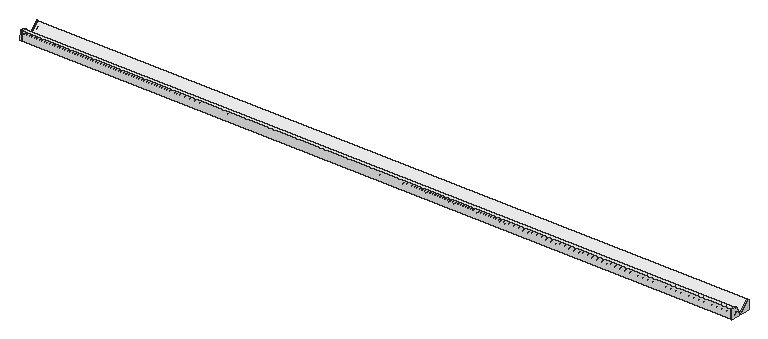
Revit family "R3314 updated", category Lighting Fixtures, host Face, Revit 2020
Family settings
  Host = Face
  Round Connector Dimension = Use Diameter
  Part Type = Normal
  Cut with Voids When Loaded = No
  Light Source = No
  Shared = Yes
  Room Calculation Point = No
Parameters (values of type "207 lm per FT 4.57 W per FT - DFRGBW 2")
  Wattage Comments = "4.57W/FT"
  Warranty URL = "https://bllighting.com/terms-and-conditions/"
  W = 0.6700"
  Voltage = 24 V
  Version = "2020-v2.9"  # constant formula
  URL = "https://bllighting.com/"
  Support Phone = ""
  Support Email = ""
  Rdwn [instance] = rounddown(L1 / Increment)  # 14
  Profile Material = Alumnium Base Track
  Product Page URL = "https://bllighting.com/products/profile/r3314"
  Product Name = Model  # "DFRGBW 2"
  Product Documentation Link = "https://bllighting.com/wp-content/uploads/R3314-Specification.pdf"
  Power Source Type = "Driver"  # constant formula
  Power Factor = 1
  Phase = 1
  Operating Temperature = "Consult Manufacturer Website for more Information"  # constant formula
  Number of Poles = if(and(or(Voltage = 120 V, Voltage = 277 V), Phase = 1), 1, if(and(or(Voltage = 208 V, Voltage = 240 V), Phase = 1), 2, if(and(or(Voltage = 208 V, Voltage = 240 V), Phase = 3), 3, if(and(Voltage > 300 V, Phase = 1), 2, if(and(Voltage > 400 V, Phase = 3), 3, 1)))))  # 1
  Number of LED's = "410 Diodes/FT"
  No Of Source [instance] = rounddown(Actual Light Length / Increment)  # 14
  N2 Watt [instance] = (1.85 W * Actual Light Length) / 12.0000"  # 7.07825 W
  N2 Lumens [instance] = 98 lm/W * N2 Watt  # 693.669 lm
  N2 = no
  Mounting Method = "Surface Mount"  # constant formula
  Model = "DFRGBW 2"
  Max Input Current = "0.625A"
  Manufacturer Phone Number = "1-604-874-4405"  # constant formula
  Manufacturer Email = "info@bllighting.com"
  Manufacturer Address = "111 - 8838 Heatner St. Vancouver. BC, Canada. V6P 3S8"  # constant formula
  Manufacturer = "BL Lighting"  # constant formula
  Lumen Output = "207 lm/FT"
  Load Classification = Lighting
  Light Length [instance] = 48.0000"
  Lens Material = Polycarbonate Optic
  Lead 2 End Cap [instance] = 1 = 1  # yes
  Lead 1 End Cap [instance] = 1 = 1  # yes
  Lamp Life = "50,000 Hours"
  Lamp = ""
  LED strip = Strip
  LED finish = LED
  LED Tape Page URL = "https://bllighting.com/products/led-tape/dfrgbw2"
  LED Tape Documentation link = "https://bllighting.com/wp-content/uploads/DFRGBW-2-Specification.pdf"
  L1 [instance] = if(Light Length < Increment, Increment, Light Length)  # 48.0000"
  Input Voltage = "24VDC"
  Initial Intensity Comments = "Refer LED Strip type for Lumen Value"  # constant formula
  Initial Color Comments = "Perfomance based on 3000K Photometric Web File"  # constant formula
  Increment = 3.2795"
  Housing Protection Rating = "Consult Manufacturer Website for more Information"  # constant formula
  Has Dimming = 1 = 1  # yes
  Has Battery Backup = 0 = 1  # no
  Frequency Comments = ""
  Frequency = 60 Hz
  Environment = "Indoor"  # constant formula
  Description = "Flexible, Linear LED Lighting"  # constant formula
  Default Elevation = 48.0000"
  DFRGBW 2 Watt [instance] = (4.57 W * Actual Light Length) / 12.0000"  # 17.4852 W
  DFRGBW 2 Lumens [instance] = 45 lm/W * DFRGBW 2 Watt  # 786.834 lm
  DFRGBW 2 = yes
  DFD3 Watt [instance] = (4.4 W * Actual Light Length) / 12.0000"  # 16.8348 W
  DFD3 Lumens [instance] = 98 lm/W * DFD3 Watt  # 1649.81 lm
  DFD3 = no
  DFD2 Watt [instance] = (2.44 W * Actual Light Length) / 12.0000"  # 9.33564 W
  DFD2 Lumens [instance] = 100 lm/W * DFD2 Watt  # 933.564 lm
  DFD2 = no
  DFD1 Watt [instance] = (1.22 W * Actual Light Length) / 12.0000"  # 4.66782 W
  DFD1 Lumens [instance] = 92 lm/W * DFD1 Watt  # 429.44 lm
  DFD1 = no
  Current Amps = 50 A
  Copyright = "©BL INNOVATIVE LIGHTING"  # constant formula
  Color Option Available = "3000K"
  built-in parameter 1114216 [instance] = 0  # (empty or 0)
  built-in parameter 1140040 [instance] = 1 = 1  # 1
  CCT = "3000K"
  Apparent Load = 15 VA
  Actual No Of Source [instance] = if(No Of Source < 2, 2, No Of Source)  # 14
  Actual Light Length [instance] = Rdwn * Increment  # 45.9130"
Reference planes (in)
  plane 1 "Center (Front/Back)": y = 0
  plane 2: z = 0
  plane 3 "Center (Left/Right)": x = 0
  plane 4: x = 45.913
  plane 5: x = 3.2795
  plane 6: x = 22.9565
  plane 7: x = 22.6499
  plane 8: x = 23.2631
  plane 9: x = 21.4565
  plane 10: x = 24.4565
  plane 11: x = 8
  plane 12: x = 11
  plane 13: x = 37.913
  plane 14: x = 34.913
  plane 15: y = -0.64961
  plane 16: y = 0.64961
  plane 17: through (0, -0.64961, -0.59055) normal (0, 0.7071, -0.7071)
Forms (in)
  Sweep 1, solid, material "Alumnium Base Track" <- "Profile Material"
    path origin (0, -18.35094, -0.33994) x (1, 0, 0) y (0, 1, 0)
      loop
        line (0, 18.35094) -> (45.913, 18.35094)
    profile origin (22.9565, 0, -0.33994) x (0, 1, 0) y (0, 0, 1)
      loop
        line (0.5299, -0.25062) -> (0.64961, -0.25062) -> (0.64961, 0.33994) -> (0.10492, -0.19208) -> (-0.12305, -0.19208) -> (-0.12305, -0.12357) -> (-0.17955, -0.12357) -> (-0.17955, -0.19208) -> (-0.24026, -0.19208) -> (-0.59162, 0.1612) -> (-0.59162, 0.28222) -> (-0.43344, 0.28222) -> (-0.43344, 0.33994) -> (-0.64961, 0.33994) -> (-0.64961, -0.25062) -> (-0.53215, -0.25062) -> (-0.53215, -0.19561) -> (-0.59144, -0.19561) -> (-0.59144, 0.07883) -> (-0.26614, -0.25062) -> (0.13335, -0.25062) -> (0.4863, 0.10233) -> (0.59159, 0.10233) -> (0.59159, -0.19556) -> (0.5299, -0.19556) -> (0.5299, -0.25062)
  Sweep 2, solid, material "Polycarbonate Optic" <- "Lens Material"
    path origin (0, -18.35094, 0.05908) x (1, 0, 0) y (0, 1, 0)
      loop
        line (0, 18.35094) -> (45.913, 18.35094)
    profile origin (22.9565, 0, 0.05908) x (0, 1, 0) y (0, 0, 1)
      loop
        line (-0.59162, -0.11679) -> (-0.59162, -0.14788) -> (-0.43344, -0.14788)
        arc (-0.43344, -0.14788) -> (-0.28409, -0.21393) -> (-0.21296, -0.36093) r 0.23691
        line (-0.21296, -0.36093) -> (-0.21296, -0.59109) -> (-0.17955, -0.59109) -> (-0.17955, -0.36093)
        arc (-0.17955, -0.36093) -> (-0.26067, -0.1912) -> (-0.43344, -0.11679) r 0.2676
        line (-0.43344, -0.11679) -> (-0.59162, -0.11679)
  Extrusion 3, void
    sketch origin (0, 0, 0) x (1, 0, 0) y (0, 1, 0)
      loop
        line (-0.07087, 0.66669) -> (-0.07087, -0.67055) -> (45.98387, -0.67055) -> (45.98387, 0.66669) -> (-0.07087, 0.66669)
    from -0.59055 to 0
Dimensions and locks (in)
  "Actual Light Length": plane 3 "Center (Left/Right)" to plane 4
  "Increment": plane 3 "Center (Left/Right)" to plane 5
  equal spacing: plane 3 "Center (Left/Right)", plane 6, plane 4
  equal spacing: plane 7, plane 6, plane 8
  locked: plane 9 to plane 6 at 1.5
  locked: plane 6 to plane 10 at 1.5
  locked: plane 11 to plane 3 "Center (Left/Right)" at 8
  plane 12 to plane 11 = 3.0000"
  locked: plane 4 to plane 13 at 8
  locked: plane 14 to plane 13 at 3
  locked: plane 16 to plane 15 at 1.29921
  locked: plane 2 to plane 17 (angle 135.00°)
  aligned and locked: host face to plane 2
  aligned and locked: host face to level
  aligned and locked: plane 3 "Center (Left/Right)" to Sweep 1 sketch curve
  aligned and locked: plane 4 to Sweep 1 sketch curve
  aligned and locked: plane 4 to Sweep 2 sketch curve
  aligned and locked: plane 3 "Center (Left/Right)" to Sweep 2 sketch curve
  aligned and locked: plane 1 "Center (Front/Back)" to nested 1
  aligned and locked: plane 3 "Center (Left/Right)" to nested 1
  aligned and locked: plane 4 to nested 2
  aligned and locked: plane 2 to Sweep 1
  aligned and locked: plane 2 to nested 1
  aligned and locked: nested 2 to plane 2
  aligned and locked: Sweep 2 to Sweep 1
  aligned and locked: nested 3 to Sweep 1
  aligned and locked: plane 3 "Center (Left/Right)" to nested 3
  aligned and locked: nested 4 to Sweep 1
  aligned and locked: plane 3 "Center (Left/Right)" to nested 4
  aligned and locked: nested 6 to Sweep 1
  aligned and locked: plane 3 "Center (Left/Right)" to nested 6
  aligned and locked: nested 7 to Sweep 1
  aligned and locked: plane 3 "Center (Left/Right)" to nested 7
  aligned and locked: nested 9 to Sweep 1
  aligned and locked: plane 3 "Center (Left/Right)" to nested 9
  aligned and locked: Extrusion 3 to Sweep 1
  aligned and locked: Extrusion 3 sketch curve to nested 1
  aligned and locked: Extrusion 3 sketch curve to nested 2
  aligned and locked: level to Extrusion 3
Automatic sketch dimensions
  host sketch curve to host sketch curve = 138.68247"
  host sketch curve to host sketch curve = 96.0000"
  plane 1 "Center (Front/Back)" to Sweep 1 sketch curve = 0.0000"
  plane 1 "Center (Front/Back)" to Sweep 2 sketch curve = 0.0000"
  Sweep 1 sketch curve to profile plane = 0.25062"  (x3)
  profile plane to Sweep 1 sketch curve = 0.64961"
  Sweep 1 sketch curve to Sweep 1 sketch curve = 0.05798"
  profile plane to Sweep 1 sketch curve = 0.07883"
  Sweep 1 sketch curve to Sweep 1 sketch curve = 0.00018"
  Sweep 1 sketch curve to Sweep 1 sketch curve = 0.05929"
  Sweep 1 sketch curve to Sweep 1 sketch curve = 0.15818"
  Sweep 1 sketch curve to Sweep 1 sketch curve = 0.26601"
  Sweep 1 sketch curve to Sweep 1 sketch curve = 0.02588"
  Sweep 1 sketch curve to Sweep 1 sketch curve = 0.0607"
  Sweep 1 sketch curve to Sweep 1 sketch curve = 0.0565"
  Sweep 1 sketch curve to profile plane = 0.10492"
  Sweep 1 sketch curve to Sweep 1 sketch curve = 0.02842"
  profile plane to Sweep 1 sketch curve = 0.10233"
  Sweep 1 sketch curve to Sweep 1 sketch curve = 0.38137"
  Sweep 1 sketch curve to Sweep 1 sketch curve = 0.0436"
  Sweep 1 sketch curve to Sweep 1 sketch curve = 0.10529"
  Sweep 1 sketch curve to Sweep 1 sketch curve = 0.05802"
  Sweep 1 sketch curve to Sweep 1 sketch curve = 0.0550"
  Sweep 1 sketch curve to Sweep 1 sketch curve = 0.05505"
  Sweep 1 sketch curve to Sweep 1 sketch curve = 0.05854"
  Sweep 1 sketch curve to Sweep 1 sketch curve = 0.0000"
  Sweep 1 sketch curve to Sweep 1 sketch curve = 0.06851"
  Sweep 1 sketch curve to Sweep 1 sketch curve = 0.08238"
  Sweep 1 sketch curve to Sweep 1 sketch curve = 0.12102"
  Sweep 1 sketch curve to Sweep 1 sketch curve = 0.05771"
  Sweep 1 sketch curve to Sweep 1 sketch curve = 0.2376"
  Sweep 2 sketch curve to profile plane = 0.11679"
  Sweep 2 sketch curve to Sweep 2 sketch curve = 0.14291"
  Sweep 2 sketch curve to Sweep 2 sketch curve = 0.00256"
  Sweep 2 sketch curve to Sweep 2 sketch curve = 0.15818"
  profile plane to Sweep 2 sketch curve = 0.21296"
  Sweep 2 sketch curve to Sweep 2 sketch curve = 0.03341"
  Sweep 2 sketch curve to Sweep 2 sketch curve = 0.03109"
  Sweep 2 sketch curve to Sweep 2 sketch curve = 0.21305"
  Sweep 2 sketch curve to Sweep 2 sketch curve = 0.0002"
  Sweep 2 sketch curve to Sweep 2 sketch curve = 0.23016"
  Sweep 2 sketch curve to Sweep 2 sketch curve = 0.0000"  (x2)
  plane 15 to Extrusion 3 sketch curve = 0.02094"
  Extrusion 3 sketch curve to plane 16 = 0.01709"
Nested families (in)
  nested 1: "LEFT END CAP" at (-0.07087, 0, -0.59055), Profile Material <- "Profile Material", visible <- "Lead 1 End Cap", type "LEFT END CAP"
    with Profile Material Alumnium Base Track
  nested 2: "RIGHT  END CAP" at (45.98387, 0, -0.59055), Profile Material <- "Profile Material", visible <- "Lead 2 End Cap", type "RIGHT  END CAP"
    with Profile Material Alumnium Base Track
  nested 3: "DFD1_3000K" at (0, -13.35606, 12.65505) x (1, 0, 0) z (0, 0.709, 0.7052), Light Length <- "Light Length", visible <- "DFD1", type "DFD1_3000K"
    with Watt 4.80314 W, Rdwn 24, No of Source 24, Lumens 441.889 lm, Light source Placement 23.6220", Light Length 48.0000", L1 48.0000", DFD1_1 no, DFD1 yes, Cutting Increment 1.9685", Actual No Of Source 24, Actual Light Length 47.2440"
  nested 4: "DFD2_3000K" at (0, -13.35622, 12.65521) x (1, 0, 0) z (0, 0.709, 0.7052), visible <- "DFD2", Light Length <- "Light Length", type "DFD2_3000K"
    with Watt 9.60628 W, Rdwn 24, No of Source 24, Lumens 960.628 lm, Light source Placement 23.6220", Light Length 48.0000", L1 48.0000", DFD2_1 no, DFD2 yes, Cutting Increment 1.9685", Actual No Of Source 24, Actual Light Length 47.2440"
  nested 5: "Dot Free D2 3000K LED Tape" at (0.42107, -0.16009, -0.50183) x (1, 0, 0) z (0, 0.709, 0.7052), visible <- "DFD2", Length <- "Actual Light Length", No of Source <- "No Of Source", Source Size <- "Increment", type "Dot Free D2 3000K LED Tape"
    with Source Size 3.2795", No of Source 14, Length 45.9130", DFD2_1 no, DFD2 yes, Actual No Of Source 14
  nested 6: "DFD3_3000K" at (0, -13.35606, 12.65505) x (1, 0, 0) z (0, 0.709, 0.7052), visible <- "DFD3", Light Length <- "Light Length", type "DFD3"
    with Watt 17.3228 W, Rdwn 24, No of Source 24, Lumens 1697.63 lm, Light source Placement 23.6220", Light Length 48.0000", L1 48.0000", Cutting Increment 1.9685", BL flexFORM Dot-Free D3_1 no, BL flexFORM Dot-Free D3 yes, Actual No Of Source 24, Actual Light Length 47.2440"
  nested 7: "DFRGBW 2" at (0, -13.35693, 12.65593) x (1, 0, 0) z (0, 0.709, 0.7052), visible <- "DFRGBW 2", Light Length <- "Light Length", type "DFRGBW 2"
    with Watt 17.4852 W, Rdwn 14, No of Source 14, Lumens 786.834 lm, Light source Placement 22.9565", Light Length 48.0000", L1 48.0000", DFRGBW 2_1 no, DFRGBW 2 yes, Cutting Increment 3.2795", Actual No Of Source 14, Actual Light Length 45.9130"
  nested 8: "N2 3000K LED Tape" at (0.58781, -38.46728, -38.14315) x (1, 0, 0) z (0, 0.709, 0.7052), visible <- "N2", Length <- "Actual Light Length", No of Source <- "No Of Source", Source Size <- "Increment", type "N2 3000K LED Tape"
    with Source Size 3.2795", No of Source 14, N2 3000k_1 no, N2 3000K yes, Length 45.9130", Actual No Of Source 14
  nested 9: "N2_3000K" at (0, -13.32077, 12.69047) x (1, 0, 0) z (0, 0.709, 0.7052), visible <- "N2", Light Length <- "Light Length", type "N2_3000K"
    with Watt 7.28345 W, Rdwn 24, No of Source 24, N2_1 no, N2 yes, Lumens 713.778 lm, Light source Placement 23.6220", Light Length 48.0000", L1 48.0000", Cutting Increment 1.9685", Actual No Of Source 24, Actual Light Length 47.2440"
  nested 10: "DFD1 3000K LED Tape" at (0.15323, 0, 0) x (1, 0, 0) z (0, 0.709, 0.7052), visible <- "DFD1", Length <- "Actual Light Length", No of Source <- "No Of Source", Source Size <- "Increment", type "DFD1 2700 K"
    with Source Size 3.2795", No of Source 14, Length 45.9130", DFD2_1 no, DFD2 yes, Actual No Of Source 14
  nested 11: "Dot Free D3 3000K LED Tape" at (1.53275, 0.32945, -0.56485), visible <- "DFD3", Length <- "Actual Light Length", No of Source <- "No Of Source", Source Size <- "Increment", type "Dot Free D3 3000K LED Tape"
    with Source Size 3.2795", No of Source 14, Length 45.9130", DFD3_1 no, DFD3 yes, Actual No Of Source 14
  nested 12: "DFRGBW 2 3000K LED Tape" at (1.5, 2.85039, 0), Length <- "Actual Light Length", No of Source <- "No Of Source", Source Size <- "Increment", visible <- "DFRGBW 2", type "DFRGBW 2 3000K LED Tape"
    with Source Size 3.2795", No of Source 14, Length 45.9130", DFD3_1 no, DFD3 yes, Actual No Of Source 14
Connectors (in)
  electrical at (0, 0.13335, -0.59055), driven by "Number of Poles", driven by "Load Classification", driven by "Voltage", driven by "Apparent Load", driven by "Power Factor"
    settings: on Sweep 1, index 1, voltage 24 V, apparent load 15 VA, apparent load phase1 0 VA, apparent load phase2 0 VA, apparent load phase3 0 VA, power factor 1, load classification "Lighting", number of poles 1, system type 30, power factor state 1, is connector primary yes, connector utility no, sub classification motor no, connector description ""
Definition of nested family "LEFT END CAP"
  Parameters (values of type "LEFT END CAP")
    Profile Material [instance] = none
    Default Elevation = 0.0000"
  Reference planes (in)
    plane 1 "Center (Front/Back)": y = 0
    plane 2: z = 0
    plane 3 "Center (Left/Right)": x = 0
    plane 4: x = 0.07087
    plane 5: y = 0.64961
    plane 6: y = -0.64961
    plane 7: z = 0.59055
    plane 8: x = 0.23622
  Forms (in)
    Extrusion 1, solid, material <- "Profile Material"
      sketch origin (0, 0, 0) x (0, 1, 0) y (0, 0, 1)
        loop
          line (0.64961, 0) -> (0.64961, 0.59055) -> (0.11426, 0.05521) -> (-0.12204, 0.05521) -> (-0.12204, 0.13307) -> (-0.17525, 0.13307) -> (-0.17525, 0.35237) -> (-0.30194, 0.5333) -> (-0.43169, 0.5333) -> (-0.43169, 0.59055) -> (-0.64961, 0.59055) -> (-0.64961, 0) -> (0.64961, 0)
        loop
          arc (-0.33802, 0.24625) -> (-0.29108, 0.24625) -> (-0.29108, 0.29319) r 0.03319
          line (-0.29108, 0.29319) -> (-0.38475, 0.38685)
          arc (-0.38475, 0.38685) -> (-0.43169, 0.38685) -> (-0.43169, 0.33992) r 0.03319
          line (-0.43169, 0.33992) -> (-0.33802, 0.24625)
      from 0 to 0.07087
    Extrusion 2, solid, material <- "Profile Material"
      sketch origin (0, 0, 0) x (0, 1, 0) y (0, 0, 1)
        loop
          line (0.58832, 0.34952) -> (0.49357, 0.34952) -> (0.14405, 0) -> (0.52624, 0) -> (0.52624, 0.06528) -> (0.58832, 0.06528) -> (0.58832, 0.34952)
        loop
          line (-0.5919, 0.32589) -> (-0.5919, 0.06402) -> (-0.53079, 0.06402) -> (-0.53079, 0) -> (-0.26602, 0) -> (-0.5919, 0.32589)
      from 0.07087 to 0.23622
  Dimensions and locks (in)
    locked: plane 3 "Center (Left/Right)" to plane 4 at 0.07087
    locked: plane 7 to plane 2 at 0.59055
    locked: plane 5 to plane 6 at 1.29921
    locked: plane 3 "Center (Left/Right)" to plane 8 at 0.23622
    aligned and locked: plane 2 to level
    aligned and locked: plane 4 to Extrusion 1
    aligned and locked: Extrusion 2 to Extrusion 1
    aligned and locked: plane 8 to Extrusion 2
Definition of nested family "RIGHT  END CAP"
  Parameters (values of type "RIGHT  END CAP")
    Profile Material [instance] = none
    Default Elevation = 0.0000"
  Reference planes (in)
    plane 1 "Center (Front/Back)": y = 0
    plane 2: z = 0
    plane 3 "Center (Left/Right)": x = 0
    plane 4: z = 0.8125
    plane 5: y = 0.4375
    plane 6: y = -0.4375
    plane 7: x = -0.31
  Dimensions and locks (in)
    equal spacing: plane 5, plane 1 "Center (Front/Back)", plane 6
    plane 5 to plane 6 = 0.8750"
    plane 4 to plane 2 = 0.8125"  (x2)
    locked: plane 3 "Center (Left/Right)" to plane 7 at 0.31
    aligned and locked: plane 2 to level
    aligned and locked: nested 1 to plane 3 "Center (Left/Right)"
  Nested families (in)
    nested 1: "LEFT END CAP" at (0, 0, 0) x (-1, 0, 0) z (0, 0, 1), Profile Material <- "Profile Material", type "LEFT END CAP"
      with Profile Material none
  Definition of nested family "LEFT END CAP"
    Parameters (values of type "LEFT END CAP")
      Profile Material [instance] = none
      Default Elevation = 0.0000"
    Reference planes (in)
      plane 1 "Center (Front/Back)": y = 0
      plane 2: z = 0
      plane 3 "Center (Left/Right)": x = 0
      plane 4: x = 0.07087
      plane 5: y = 0.64961
      plane 6: y = -0.64961
      plane 7: z = 0.59055
      plane 8: x = 0.23622
    Forms (in)
      Extrusion 1, solid, material <- "Profile Material"
        sketch origin (0, 0, 0) x (0, 1, 0) y (0, 0, 1)
          loop
            line (0.64961, 0) -> (0.64961, 0.59055) -> (0.11426, 0.05521) -> (-0.12204, 0.05521) -> (-0.12204, 0.13307) -> (-0.17525, 0.13307) -> (-0.17525, 0.35237) -> (-0.30194, 0.5333) -> (-0.43169, 0.5333) -> (-0.43169, 0.59055) -> (-0.64961, 0.59055) -> (-0.64961, 0) -> (0.64961, 0)
          loop
            arc (-0.33802, 0.24625) -> (-0.29108, 0.24625) -> (-0.29108, 0.29319) r 0.03319
            line (-0.29108, 0.29319) -> (-0.38475, 0.38685)
            arc (-0.38475, 0.38685) -> (-0.43169, 0.38685) -> (-0.43169, 0.33992) r 0.03319
            line (-0.43169, 0.33992) -> (-0.33802, 0.24625)
        from 0 to 0.07087
      Extrusion 2, solid, material <- "Profile Material"
        sketch origin (0, 0, 0) x (0, 1, 0) y (0, 0, 1)
          loop
            line (0.58832, 0.34952) -> (0.49357, 0.34952) -> (0.14405, 0) -> (0.52624, 0) -> (0.52624, 0.06528) -> (0.58832, 0.06528) -> (0.58832, 0.34952)
          loop
            line (-0.5919, 0.32589) -> (-0.5919, 0.06402) -> (-0.53079, 0.06402) -> (-0.53079, 0) -> (-0.26602, 0) -> (-0.5919, 0.32589)
        from 0.07087 to 0.23622
    Dimensions and locks (in)
      locked: plane 3 "Center (Left/Right)" to plane 4 at 0.07087
      locked: plane 7 to plane 2 at 0.59055
      locked: plane 5 to plane 6 at 1.29921
      locked: plane 3 "Center (Left/Right)" to plane 8 at 0.23622
      aligned and locked: plane 2 to level
      aligned and locked: plane 4 to Extrusion 1
      aligned and locked: Extrusion 2 to Extrusion 1
      aligned and locked: plane 8 to Extrusion 2
Definition of nested family "DFD1_3000K"
  Parameters (values of type "DFD1_3000K")
    Wattage Comments = "1.22 W/FT"
    Watt [instance] = (1.22 W * Actual Light Length) / 12.0000"  # 2.40157 W
    Warranty URL = "https://bllighting.com/terms-and-conditions/"
    Voltage Comments = ""
    Version = "2020-v2.9"  # constant formula
    URL = "https://bllighting.com/"
    Support Email = ""
    Strip = none
    Rdwn [instance] = rounddown(L1 / Cutting Increment)  # 12
    Product Page URL = ""
    Product Name = "BL flexFORM Dot-Free D1"  # constant formula
    Product Documentation Link = ""
    No of Source [instance] = rounddown(Actual Light Length / Cutting Increment)  # 12
    Model = "BL flexFORM Dot-Free D1"
    Manufacturer Phone Number = "1-604-874-4405"  # constant formula
    Manufacturer Email = "info@bllighting.com"
    Manufacturer Address = "111 - 8838 Heatner St. Vancouver. BC, Canada. V6P 3S8"  # constant formula
    Manufacturer = "BL Lighting"  # constant formula
    Lumens [instance] = 92 lm/W * Watt  # 220.944 lm
    Lumen Output = "112 lm/FT"
    Light source Placement [instance] = Actual Light Length / 2  # 11.8110"
    Light Length [instance] = 24.0000"
    Lens Material = none
    Lamp Life = "50,000 Hours"
    Lamp = ""
    LED = none
    L1 [instance] = if(Light Length < Cutting Increment, Cutting Increment, Light Length)  # 24.0000"
    Initial Color Option Available = ""
    Finish = none
    Description = "Flexible,Linear LED Strip Lighting"  # constant formula
    Default Elevation = 48.0000"
    DFD1_1 [instance] = not(DFD1)  # no
    DFD1 [instance] = if(No of Source < 2, 1 = 0, 1 = 1)  # yes
    D = 0.07812"
    Cutting Increment [instance] = 1.9685"  # constant formula
    Copyright = "©BL INNOVATIVE LIGHTING"  # constant formula
    Actual No Of Source [instance] = if(No of Source < 2, 2, No of Source)  # 12
    Actual Light Length [instance] = Rdwn * Cutting Increment  # 23.6220"
    A = 0.3900"
  Reference planes (in)
    plane 1 "Center (Front/Back)": y = 0
    plane 2: z = 0
    plane 3 "Center (Left/Right)": x = 0
    plane 4: x = 23.622
    plane 5: y = 18.35094
    plane 6: x = 11.811
    plane 7: z = -0.33465
    plane 8: y = 18.54594
    plane 9: y = 18.15594
    plane 10: x = 1.9685
    plane 11: z = 0.07813
  Dimensions and locks (in)
    "Actual Light Length": plane 4 to plane 3 "Center (Left/Right)"
    "Actual Light Length": plane 3 "Center (Left/Right)" to plane 4
    plane 6 to plane 4 = 11.8110"
    "Light source Placement": plane 6 to plane 4
    locked: plane 1 "Center (Front/Back)" to plane 5 at 18.35094
    locked: level to plane 7 at 0.33465
    "A": plane 8 to plane 9
    equal spacing: plane 8, plane 5, plane 9
    "Cutting Increment": plane 3 "Center (Left/Right)" to plane 10
    locked: plane 10 to plane 3 "Center (Left/Right)" at 1.97
    "D": plane 11 to plane 2
    equal spacing: group 1, group 2, group 3, group 4, group 5, group 6, group 7, group 8, group 9, group 10, group 11, group 12  (x3)
    aligned and locked: level to plane 2
    aligned and locked: plane 3 "Center (Left/Right)" to nested 1
    aligned and locked: nested 1 to plane 2
    aligned and locked: nested 1 to plane 5
    aligned and locked: nested 2 to plane 5
    aligned and locked: plane 3 "Center (Left/Right)" to nested 2
    aligned and locked: nested 2 to plane 2
    aligned and locked: plane 10 to nested 3
    aligned and locked: nested 3 to plane 5
  Nested families (in)
    nested 1: "Increment strip 5" at (0, 18.35094, 0), LED <- "LED", Strip <- "Strip", Height <- "D", Increment <- "Cutting Increment", Width <- "A", Strip Name <- "DFD1_1", visible <- "DFD1_1", type "Increment strip 5"
      with Width 0.3900", Strip Name no, Strip none, LED none, Increment 1.9685", Height 0.07812"
    nested 2: "Increment strip 5" at (0, 18.35094, 0), visible <- "DFD1", LED <- "LED", Strip <- "Strip", Height <- "D", Increment <- "Cutting Increment", Width <- "A", Strip Name <- "DFD1", type "Increment strip 5"
      with Width 0.3900", Strip Name yes, Strip none, LED none, Increment 1.9685", Height 0.07812"
    nested 3: "Increment strip 5" at (1.9685, 18.35094, 0), visible <- "DFD1", LED <- "LED", Strip <- "Strip", Height <- "D", Increment <- "Cutting Increment", Width <- "A", Strip Name <- "DFD1", type "Increment strip 5"
      with Width 0.3900", Strip Name yes, Strip none, LED none, Increment 1.9685", Height 0.07812"
    nested 4: "Increment strip 5" at (3.937, 18.35094, 0), visible <- "DFD1", LED <- "LED", Strip <- "Strip", Height <- "D", Increment <- "Cutting Increment", Width <- "A", Strip Name <- "DFD1", type "Increment strip 5"
      with Width 0.3900", Strip Name yes, Strip none, LED none, Increment 1.9685", Height 0.07812"
    nested 5: "Increment strip 5" at (5.9055, 18.35094, 0), visible <- "DFD1", LED <- "LED", Strip <- "Strip", Height <- "D", Increment <- "Cutting Increment", Width <- "A", Strip Name <- "DFD1", type "Increment strip 5"
      with Width 0.3900", Strip Name yes, Strip none, LED none, Increment 1.9685", Height 0.07812"
    nested 6: "Increment strip 5" at (7.874, 18.35094, 0), visible <- "DFD1", LED <- "LED", Strip <- "Strip", Height <- "D", Increment <- "Cutting Increment", Width <- "A", Strip Name <- "DFD1", type "Increment strip 5"
      with Width 0.3900", Strip Name yes, Strip none, LED none, Increment 1.9685", Height 0.07812"
    nested 7: "Increment strip 5" at (9.8425, 18.35094, 0), visible <- "DFD1", LED <- "LED", Strip <- "Strip", Height <- "D", Increment <- "Cutting Increment", Width <- "A", Strip Name <- "DFD1", type "Increment strip 5"
      with Width 0.3900", Strip Name yes, Strip none, LED none, Increment 1.9685", Height 0.07812"
    nested 8: "Increment strip 5" at (11.811, 18.35094, 0), visible <- "DFD1", LED <- "LED", Strip <- "Strip", Height <- "D", Increment <- "Cutting Increment", Width <- "A", Strip Name <- "DFD1", type "Increment strip 5"
      with Width 0.3900", Strip Name yes, Strip none, LED none, Increment 1.9685", Height 0.07812"
    nested 9: "Increment strip 5" at (13.7795, 18.35094, 0), visible <- "DFD1", LED <- "LED", Strip <- "Strip", Height <- "D", Increment <- "Cutting Increment", Width <- "A", Strip Name <- "DFD1", type "Increment strip 5"
      with Width 0.3900", Strip Name yes, Strip none, LED none, Increment 1.9685", Height 0.07812"
    nested 10: "Increment strip 5" at (15.748, 18.35094, 0), visible <- "DFD1", LED <- "LED", Strip <- "Strip", Height <- "D", Increment <- "Cutting Increment", Width <- "A", Strip Name <- "DFD1", type "Increment strip 5"
      with Width 0.3900", Strip Name yes, Strip none, LED none, Increment 1.9685", Height 0.07812"
    nested 11: "Increment strip 5" at (17.7165, 18.35094, 0), visible <- "DFD1", LED <- "LED", Strip <- "Strip", Height <- "D", Increment <- "Cutting Increment", Width <- "A", Strip Name <- "DFD1", type "Increment strip 5"
      with Width 0.3900", Strip Name yes, Strip none, LED none, Increment 1.9685", Height 0.07812"
    nested 12: "Increment strip 5" at (19.685, 18.35094, 0), visible <- "DFD1", LED <- "LED", Strip <- "Strip", Height <- "D", Increment <- "Cutting Increment", Width <- "A", Strip Name <- "DFD1", type "Increment strip 5"
      with Width 0.3900", Strip Name yes, Strip none, LED none, Increment 1.9685", Height 0.07812"
    nested 13: "Increment strip 5" at (21.6535, 18.35094, 0), visible <- "DFD1", LED <- "LED", Strip <- "Strip", Height <- "D", Increment <- "Cutting Increment", Width <- "A", Strip Name <- "DFD1", type "Increment strip 5"
      with Width 0.3900", Strip Name yes, Strip none, LED none, Increment 1.9685", Height 0.07812"
  Definition of nested family "Increment strip 5"
    Parameters (values of type "Increment strip 5")
      Width [instance] = 0.39062"
      Strip Name [instance] = yes
      Strip [instance] = none
      LED [instance] = none
      Increment [instance] = 1.96875"
      Height [instance] = 0.07812"
      Default Elevation = 0.0000"
    Reference planes (in)
      plane 1 "Center (Front/Back)": y = 0
      plane 2: z = 0
      plane 3 "Center (Left/Right)": x = 0
      plane 4: x = 1.96875
      plane 5: y = -0.19531
      plane 6: y = 0.19531
      plane 7: x = 0.15625
      plane 8: x = 1.78125
      plane 9: z = 0.07812
    Forms (in)
      Sweep 1, solid, material <- "Strip", visible <- "Strip Name"
        path origin (0, 0, 0) x (1, 0, 0) y (0, 1, 0)
          loop
            line (1.96875, 0) -> (0, 0)
        profile origin (0.98438, 0, 0) x (0, -1, 0) y (0, 0, 1)
          loop
            line (-0.19531, 0.03937) -> (-0.19531, 0) -> (0.19531, 0) -> (0.19531, 0.03937) -> (-0.19531, 0.03937)
      Extrusion 2, solid, material <- "LED", visible <- "Strip Name"
        sketch origin (0, 0, 0.247) x (1, 0, 0) y (0, 1, 0)
          loop
            line (0, 0.11457) -> (0, -0.11457) -> (1.96875, -0.11457) -> (1.96875, 0.11457) -> (0, 0.11457)
        from -0.20763 to -0.16887
    Dimensions and locks (in)
      "Increment": plane 3 "Center (Left/Right)" to plane 4
      equal spacing: plane 5, plane 1 "Center (Front/Back)", plane 6
      "Width": plane 5 to plane 6
      equal spacing: Extrusion 2, plane 1 "Center (Front/Back)", Extrusion 2
      "Height": plane 9 to plane 2
      aligned and locked: plane 2 to level
      aligned and locked: Sweep 1 sketch curve to plane 1 "Center (Front/Back)"
      aligned and locked: plane 3 "Center (Left/Right)" to Sweep 1 sketch curve
      aligned and locked: plane 4 to Sweep 1 sketch curve
      aligned and locked: plane 6 to Sweep 1 sketch curve
      aligned and locked: Sweep 1 sketch curve to plane 5
      aligned and locked: Extrusion 2 to Sweep 1
      aligned and locked: Extrusion 2 to plane 9
    Automatic sketch dimensions
      level to Sweep 1 sketch curve = 0.03937"
      Sweep 1 sketch curve to level = 0.0000"
      Extrusion 2 sketch curve to plane 3 "Center (Left/Right)" = 0.0000"
      Extrusion 2 sketch curve to plane 4 = 0.0000"
      plane 1 "Center (Front/Back)" to Extrusion 2 sketch curve = 0.11457"
      Extrusion 2 sketch curve to plane 1 "Center (Front/Back)" = 0.11457"
Definition of nested family "DFD2_3000K"
  Parameters (values of type "DFD2_3000K")
    Wattage Comments = "2.44 W/FT"
    Watt [instance] = (2.44 W * Actual Light Length) / 12.0000"  # 4.80314 W
    Warranty URL = "https://bllighting.com/terms-and-conditions/"
    Voltage Comments = ""
    Version = "2020-v2.9"  # constant formula
    URL = "https://bllighting.com/"
    Strip = none
    Rdwn [instance] = rounddown(L1 / Cutting Increment)  # 12
    Product Page URL = "https://bllighting.com/our-products/bl-flexform-dot-free-d2/#BL%20flexFORM%20Dot-Free%20D2++%23BL%20flexFORM%20Dot-Free%20D2++"
    Product Name = "BL flexFORM Dot-Free D2"  # constant formula
    Product Documentation Link = "https://bllighting.com/wp-content/uploads/DFD2-Specification.pdf"
    No of Source [instance] = rounddown(Actual Light Length / Cutting Increment)  # 12
    Model = "BL flexFORM Dot-Free D2"
    Manufacturer Phone Number = "1-604-874-4405"  # constant formula
    Manufacturer Email = "info@bllighting.com"
    Manufacturer Address = "111 - 8838 Heatner St. Vancouver. BC, Canada. V6P 3S8"  # constant formula
    Manufacturer = "BL Lighting"  # constant formula
    Lumens [instance] = 100 lm/W * Watt  # 480.314 lm
    Lumen Output = "258 lm/FT"
    Light source Placement [instance] = Actual Light Length / 2  # 11.8110"
    Light Length [instance] = 24.0000"
    Lens Material = none
    Lamp Life = "50,000 Hours"
    Lamp = ""
    LED = none
    L1 [instance] = if(Light Length < Cutting Increment, Cutting Increment, Light Length)  # 24.0000"
    Initial Color Option Available = ""
    Finish = none
    Description = "Flexible,Linear LED Strip Lighting"  # constant formula
    Default Elevation = 48.0000"
    DFD2_1 [instance] = not(DFD2)  # no
    DFD2 [instance] = if(No of Source < 2, 1 = 0, 1 = 1)  # yes
    D = 0.07812"
    Cutting Increment [instance] = 1.9685"  # constant formula
    Copyright = "©BL INNOVATIVE LIGHTING"  # constant formula
    Actual No Of Source [instance] = if(No of Source < 2, 2, No of Source)  # 12
    Actual Light Length [instance] = Rdwn * Cutting Increment  # 23.6220"
    A = 0.3900"
  Reference planes (in)
    plane 1 "Center (Front/Back)": y = 0
    plane 2: z = 0
    plane 3 "Center (Left/Right)": x = 0
    plane 4: x = 23.622
    plane 5: y = 18.35094
    plane 6: x = 11.811
    plane 7: z = -0.33465
    plane 8: y = 18.54594
    plane 9: y = 18.15594
    plane 10: x = 1.9685
    plane 11: z = 0.07813
  Dimensions and locks (in)
    "Actual Light Length": plane 4 to plane 3 "Center (Left/Right)"
    "Actual Light Length": plane 3 "Center (Left/Right)" to plane 4
    plane 6 to plane 4 = 11.8110"
    "Light source Placement": plane 6 to plane 4
    locked: plane 1 "Center (Front/Back)" to plane 5 at 18.35094
    locked: level to plane 7 at 0.33465
    "A": plane 8 to plane 9
    equal spacing: plane 8, plane 5, plane 9
    "Cutting Increment": plane 3 "Center (Left/Right)" to plane 10
    locked: plane 10 to plane 3 "Center (Left/Right)" at 1.97
    "D": plane 11 to plane 2
    equal spacing: group 1, group 2, group 3, group 4, group 5, group 6, group 7, group 8, group 9, group 10, group 11, group 12  (x3)
    aligned and locked: level to plane 2
    aligned and locked: plane 3 "Center (Left/Right)" to nested 1
    aligned and locked: nested 1 to plane 2
    aligned and locked: nested 1 to plane 5
    aligned and locked: nested 2 to plane 5
    aligned and locked: plane 3 "Center (Left/Right)" to nested 2
    aligned and locked: nested 2 to plane 2
    aligned and locked: plane 10 to nested 3
    aligned and locked: nested 3 to plane 5
  Nested families (in)
    nested 1: "Increment strip 5" at (0, 18.35094, 0), LED <- "LED", Strip <- "Strip", Height <- "D", Increment <- "Cutting Increment", Width <- "A", Strip Name <- "DFD2_1", visible <- "DFD2_1", type "Increment strip 5"
      with Width 0.3900", Strip Name no, Strip none, LED none, Increment 1.9685", Height 0.07812"
    nested 2: "Increment strip 5" at (0, 18.35094, 0), visible <- "DFD2", LED <- "LED", Strip <- "Strip", Height <- "D", Increment <- "Cutting Increment", Width <- "A", Strip Name <- "DFD2", type "Increment strip 5"
      with Width 0.3900", Strip Name yes, Strip none, LED none, Increment 1.9685", Height 0.07812"
    nested 3: "Increment strip 5" at (1.9685, 18.35094, 0), visible <- "DFD2", LED <- "LED", Strip <- "Strip", Height <- "D", Increment <- "Cutting Increment", Width <- "A", Strip Name <- "DFD2", type "Increment strip 5"
      with Width 0.3900", Strip Name yes, Strip none, LED none, Increment 1.9685", Height 0.07812"
    nested 4: "Increment strip 5" at (3.937, 18.35094, 0), visible <- "DFD2", LED <- "LED", Strip <- "Strip", Height <- "D", Increment <- "Cutting Increment", Width <- "A", Strip Name <- "DFD2", type "Increment strip 5"
      with Width 0.3900", Strip Name yes, Strip none, LED none, Increment 1.9685", Height 0.07812"
    nested 5: "Increment strip 5" at (5.9055, 18.35094, 0), visible <- "DFD2", LED <- "LED", Strip <- "Strip", Height <- "D", Increment <- "Cutting Increment", Width <- "A", Strip Name <- "DFD2", type "Increment strip 5"
      with Width 0.3900", Strip Name yes, Strip none, LED none, Increment 1.9685", Height 0.07812"
    nested 6: "Increment strip 5" at (7.874, 18.35094, 0), visible <- "DFD2", LED <- "LED", Strip <- "Strip", Height <- "D", Increment <- "Cutting Increment", Width <- "A", Strip Name <- "DFD2", type "Increment strip 5"
      with Width 0.3900", Strip Name yes, Strip none, LED none, Increment 1.9685", Height 0.07812"
    nested 7: "Increment strip 5" at (9.8425, 18.35094, 0), visible <- "DFD2", LED <- "LED", Strip <- "Strip", Height <- "D", Increment <- "Cutting Increment", Width <- "A", Strip Name <- "DFD2", type "Increment strip 5"
      with Width 0.3900", Strip Name yes, Strip none, LED none, Increment 1.9685", Height 0.07812"
    nested 8: "Increment strip 5" at (11.811, 18.35094, 0), visible <- "DFD2", LED <- "LED", Strip <- "Strip", Height <- "D", Increment <- "Cutting Increment", Width <- "A", Strip Name <- "DFD2", type "Increment strip 5"
      with Width 0.3900", Strip Name yes, Strip none, LED none, Increment 1.9685", Height 0.07812"
    nested 9: "Increment strip 5" at (13.7795, 18.35094, 0), visible <- "DFD2", LED <- "LED", Strip <- "Strip", Height <- "D", Increment <- "Cutting Increment", Width <- "A", Strip Name <- "DFD2", type "Increment strip 5"
      with Width 0.3900", Strip Name yes, Strip none, LED none, Increment 1.9685", Height 0.07812"
    nested 10: "Increment strip 5" at (15.748, 18.35094, 0), visible <- "DFD2", LED <- "LED", Strip <- "Strip", Height <- "D", Increment <- "Cutting Increment", Width <- "A", Strip Name <- "DFD2", type "Increment strip 5"
      with Width 0.3900", Strip Name yes, Strip none, LED none, Increment 1.9685", Height 0.07812"
    nested 11: "Increment strip 5" at (17.7165, 18.35094, 0), visible <- "DFD2", LED <- "LED", Strip <- "Strip", Height <- "D", Increment <- "Cutting Increment", Width <- "A", Strip Name <- "DFD2", type "Increment strip 5"
      with Width 0.3900", Strip Name yes, Strip none, LED none, Increment 1.9685", Height 0.07812"
    nested 12: "Increment strip 5" at (19.685, 18.35094, 0), visible <- "DFD2", LED <- "LED", Strip <- "Strip", Height <- "D", Increment <- "Cutting Increment", Width <- "A", Strip Name <- "DFD2", type "Increment strip 5"
      with Width 0.3900", Strip Name yes, Strip none, LED none, Increment 1.9685", Height 0.07812"
    nested 13: "Increment strip 5" at (21.6535, 18.35094, 0), visible <- "DFD2", LED <- "LED", Strip <- "Strip", Height <- "D", Increment <- "Cutting Increment", Width <- "A", Strip Name <- "DFD2", type "Increment strip 5"
      with Width 0.3900", Strip Name yes, Strip none, LED none, Increment 1.9685", Height 0.07812"
  Definition of nested family "Increment strip 5"
    Parameters (values of type "Increment strip 5")
      Width [instance] = 0.39062"
      Strip Name [instance] = yes
      Strip [instance] = none
      LED [instance] = none
      Increment [instance] = 1.96875"
      Height [instance] = 0.07812"
      Default Elevation = 0.0000"
    Reference planes (in)
      plane 1 "Center (Front/Back)": y = 0
      plane 2: z = 0
      plane 3 "Center (Left/Right)": x = 0
      plane 4: x = 1.96875
      plane 5: y = -0.19531
      plane 6: y = 0.19531
      plane 7: x = 0.15625
      plane 8: x = 1.78125
      plane 9: z = 0.07812
    Forms (in)
      Sweep 1, solid, material <- "Strip", visible <- "Strip Name"
        path origin (0, 0, 0) x (1, 0, 0) y (0, 1, 0)
          loop
            line (1.96875, 0) -> (0, 0)
        profile origin (0.98438, 0, 0) x (0, -1, 0) y (0, 0, 1)
          loop
            line (-0.19531, 0.03937) -> (-0.19531, 0) -> (0.19531, 0) -> (0.19531, 0.03937) -> (-0.19531, 0.03937)
      Extrusion 2, solid, material <- "LED", visible <- "Strip Name"
        sketch origin (0, 0, 0.247) x (1, 0, 0) y (0, 1, 0)
          loop
            line (0, 0.11457) -> (0, -0.11457) -> (1.96875, -0.11457) -> (1.96875, 0.11457) -> (0, 0.11457)
        from -0.20763 to -0.16887
    Dimensions and locks (in)
      "Increment": plane 3 "Center (Left/Right)" to plane 4
      equal spacing: plane 5, plane 1 "Center (Front/Back)", plane 6
      "Width": plane 5 to plane 6
      equal spacing: Extrusion 2, plane 1 "Center (Front/Back)", Extrusion 2
      "Height": plane 9 to plane 2
      aligned and locked: plane 2 to level
      aligned and locked: Sweep 1 sketch curve to plane 1 "Center (Front/Back)"
      aligned and locked: plane 3 "Center (Left/Right)" to Sweep 1 sketch curve
      aligned and locked: plane 4 to Sweep 1 sketch curve
      aligned and locked: plane 6 to Sweep 1 sketch curve
      aligned and locked: Sweep 1 sketch curve to plane 5
      aligned and locked: Extrusion 2 to Sweep 1
      aligned and locked: Extrusion 2 to plane 9
    Automatic sketch dimensions
      level to Sweep 1 sketch curve = 0.03937"
      Sweep 1 sketch curve to level = 0.0000"
      Extrusion 2 sketch curve to plane 3 "Center (Left/Right)" = 0.0000"
      Extrusion 2 sketch curve to plane 4 = 0.0000"
      plane 1 "Center (Front/Back)" to Extrusion 2 sketch curve = 0.11457"
      Extrusion 2 sketch curve to plane 1 "Center (Front/Back)" = 0.11457"
Definition of nested family "DFD3_3000K"
  Parameters (values of type "DFD3")
    Wattage Comments = "4.4 W/FT"
    Watt [instance] = (4.4 W * Actual Light Length) / 12.0000"  # 8.6614 W
    Warranty URL = ""
    Voltage Comments = ""
    Version = "2020-v2.9"  # constant formula
    URL = ""
    Strip = none
    Rdwn [instance] = rounddown(L1 / Cutting Increment)  # 12
    Product Page URL = ""
    Product Name = " DFD3"  # constant formula
    Product Documentation Link = ""
    No of Source [instance] = rounddown(Actual Light Length / Cutting Increment)  # 12
    Model = ""
    Manufacturer Phone Number = "1-604-874-4405"  # constant formula
    Manufacturer Email = ""
    Manufacturer Address = "111 - 8838 Heatner St. Vancouver. BC, Canada. V6P 3S8"  # constant formula
    Manufacturer = "BL Lighting"  # constant formula
    Lumens [instance] = 98 lm/W * Watt  # 848.817 lm
    Lumen Output = "419 lm/FT"
    Light source Placement [instance] = Actual Light Length / 2  # 11.8110"
    Light Length [instance] = 24.0000"
    Lens Material = none
    Lamp Life = "50,000 Hours"
    Lamp = ""
    LED = none
    L1 [instance] = if(Light Length < Cutting Increment, Cutting Increment, Light Length)  # 24.0000"
    Instruction Sheet Link = ""
    Initial Color Option Available = ""
    Finish = none
    Description = "Flexible,Linear LED Strip Lighting"  # constant formula
    Default Elevation = 48.0000"
    D = 0.07812"
    Cutting Increment [instance] = 1.9685"  # constant formula
    Copyright = "©BL INNOVATIVE LIGHTING"  # constant formula
    BL flexFORM Dot-Free D3_1 [instance] = not([BL flexFORM Dot-Free D3])  # no
    BL flexFORM Dot-Free D3 [instance] = if(No of Source < 2, 1 = 0, 1 = 1)  # yes
    Actual No Of Source [instance] = if(No of Source < 2, 2, No of Source)  # 12
    Actual Light Length [instance] = Rdwn * Cutting Increment  # 23.6220"
    A = 0.3900"
  Reference planes (in)
    plane 1 "Center (Front/Back)": y = 0
    plane 2: z = 0
    plane 3 "Center (Left/Right)": x = 0
    plane 4: x = 23.622
    plane 5: y = 18.35094
    plane 6: x = 11.811
    plane 7: z = -0.33465
    plane 8: y = 18.54594
    plane 9: y = 18.15594
    plane 10: x = 1.9685
    plane 11: z = 0.07813
  Dimensions and locks (in)
    "Actual Light Length": plane 4 to plane 3 "Center (Left/Right)"
    "Actual Light Length": plane 3 "Center (Left/Right)" to plane 4
    plane 6 to plane 4 = 11.8110"
    "Light source Placement": plane 6 to plane 4
    locked: plane 1 "Center (Front/Back)" to plane 5 at 18.35094
    locked: level to plane 7 at 0.33465
    "A": plane 8 to plane 9
    equal spacing: plane 8, plane 5, plane 9
    "Cutting Increment": plane 3 "Center (Left/Right)" to plane 10
    locked: plane 10 to plane 3 "Center (Left/Right)" at 1.97
    "D": plane 11 to plane 2
    equal spacing: group 1, group 2, group 3, group 4, group 5, group 6, group 7, group 8, group 9, group 10, group 11, group 12  (x3)
    aligned and locked: level to plane 2
    aligned and locked: nested 1 to plane 2
    aligned and locked: nested 1 to plane 10
    aligned and locked: plane 3 "Center (Left/Right)" to nested 1
    aligned and locked: plane 10 to nested 1
    aligned and locked: plane 10 to nested 2
    aligned and locked: plane 3 "Center (Left/Right)" to nested 3
    aligned and locked: nested 3 to plane 2
    aligned and locked: nested 3 to plane 5
  Nested families (in)
    nested 1: "Increment strip 5" at (0, 18.35094, 0), Height <- "D", Increment <- "Cutting Increment", Width <- "A", LED <- "LED", Strip <- "Strip", BL flexFORM Dot-Free D3 <- "BL flexFORM Dot-Free D3", visible <- "BL flexFORM Dot-Free D3", type "Increment strip 5"
      with Width 0.3900", Strip none, LED none, Increment 1.9685", Height 0.07812", BL flexFORM Dot-Free D3 yes
    nested 2: "Increment strip 5" at (1.9685, 18.35094, 0), Height <- "D", Increment <- "Cutting Increment", Width <- "A", LED <- "LED", Strip <- "Strip", BL flexFORM Dot-Free D3 <- "BL flexFORM Dot-Free D3", visible <- "BL flexFORM Dot-Free D3", type "Increment strip 5"
      with Width 0.3900", Strip none, LED none, Increment 1.9685", Height 0.07812", BL flexFORM Dot-Free D3 yes
    nested 3: "Increment strip 5" at (0, 18.35094, 0), LED <- "LED", Strip <- "Strip", Height <- "D", Increment <- "Cutting Increment", Width <- "A", BL flexFORM Dot-Free D3 <- "BL flexFORM Dot-Free D3_1", visible <- "BL flexFORM Dot-Free D3_1", type "Increment strip 5"
      with Width 0.3900", Strip none, LED none, Increment 1.9685", Height 0.07812", BL flexFORM Dot-Free D3 no
    nested 4: "Increment strip 5" at (3.937, 18.35094, 0), Height <- "D", Increment <- "Cutting Increment", Width <- "A", LED <- "LED", Strip <- "Strip", BL flexFORM Dot-Free D3 <- "BL flexFORM Dot-Free D3", visible <- "BL flexFORM Dot-Free D3", type "Increment strip 5"
      with Width 0.3900", Strip none, LED none, Increment 1.9685", Height 0.07812", BL flexFORM Dot-Free D3 yes
    nested 5: "Increment strip 5" at (5.9055, 18.35094, 0), Height <- "D", Increment <- "Cutting Increment", Width <- "A", LED <- "LED", Strip <- "Strip", BL flexFORM Dot-Free D3 <- "BL flexFORM Dot-Free D3", visible <- "BL flexFORM Dot-Free D3", type "Increment strip 5"
      with Width 0.3900", Strip none, LED none, Increment 1.9685", Height 0.07812", BL flexFORM Dot-Free D3 yes
    nested 6: "Increment strip 5" at (7.874, 18.35094, 0), Height <- "D", Increment <- "Cutting Increment", Width <- "A", LED <- "LED", Strip <- "Strip", BL flexFORM Dot-Free D3 <- "BL flexFORM Dot-Free D3", visible <- "BL flexFORM Dot-Free D3", type "Increment strip 5"
      with Width 0.3900", Strip none, LED none, Increment 1.9685", Height 0.07812", BL flexFORM Dot-Free D3 yes
    nested 7: "Increment strip 5" at (9.8425, 18.35094, 0), Height <- "D", Increment <- "Cutting Increment", Width <- "A", LED <- "LED", Strip <- "Strip", BL flexFORM Dot-Free D3 <- "BL flexFORM Dot-Free D3", visible <- "BL flexFORM Dot-Free D3", type "Increment strip 5"
      with Width 0.3900", Strip none, LED none, Increment 1.9685", Height 0.07812", BL flexFORM Dot-Free D3 yes
    nested 8: "Increment strip 5" at (11.811, 18.35094, 0), Height <- "D", Increment <- "Cutting Increment", Width <- "A", LED <- "LED", Strip <- "Strip", BL flexFORM Dot-Free D3 <- "BL flexFORM Dot-Free D3", visible <- "BL flexFORM Dot-Free D3", type "Increment strip 5"
      with Width 0.3900", Strip none, LED none, Increment 1.9685", Height 0.07812", BL flexFORM Dot-Free D3 yes
    nested 9: "Increment strip 5" at (13.7795, 18.35094, 0), Height <- "D", Increment <- "Cutting Increment", Width <- "A", LED <- "LED", Strip <- "Strip", BL flexFORM Dot-Free D3 <- "BL flexFORM Dot-Free D3", visible <- "BL flexFORM Dot-Free D3", type "Increment strip 5"
      with Width 0.3900", Strip none, LED none, Increment 1.9685", Height 0.07812", BL flexFORM Dot-Free D3 yes
    nested 10: "Increment strip 5" at (15.748, 18.35094, 0), Height <- "D", Increment <- "Cutting Increment", Width <- "A", LED <- "LED", Strip <- "Strip", BL flexFORM Dot-Free D3 <- "BL flexFORM Dot-Free D3", visible <- "BL flexFORM Dot-Free D3", type "Increment strip 5"
      with Width 0.3900", Strip none, LED none, Increment 1.9685", Height 0.07812", BL flexFORM Dot-Free D3 yes
    nested 11: "Increment strip 5" at (17.7165, 18.35094, 0), Height <- "D", Increment <- "Cutting Increment", Width <- "A", LED <- "LED", Strip <- "Strip", BL flexFORM Dot-Free D3 <- "BL flexFORM Dot-Free D3", visible <- "BL flexFORM Dot-Free D3", type "Increment strip 5"
      with Width 0.3900", Strip none, LED none, Increment 1.9685", Height 0.07812", BL flexFORM Dot-Free D3 yes
    nested 12: "Increment strip 5" at (19.685, 18.35094, 0), Height <- "D", Increment <- "Cutting Increment", Width <- "A", LED <- "LED", Strip <- "Strip", BL flexFORM Dot-Free D3 <- "BL flexFORM Dot-Free D3", visible <- "BL flexFORM Dot-Free D3", type "Increment strip 5"
      with Width 0.3900", Strip none, LED none, Increment 1.9685", Height 0.07812", BL flexFORM Dot-Free D3 yes
    nested 13: "Increment strip 5" at (21.6535, 18.35094, 0), Height <- "D", Increment <- "Cutting Increment", Width <- "A", LED <- "LED", Strip <- "Strip", BL flexFORM Dot-Free D3 <- "BL flexFORM Dot-Free D3", visible <- "BL flexFORM Dot-Free D3", type "Increment strip 5"
      with Width 0.3900", Strip none, LED none, Increment 1.9685", Height 0.07812", BL flexFORM Dot-Free D3 yes
  Definition of nested family "Increment strip 5"
    Parameters (values of type "Increment strip 5")
      Width [instance] = 0.39062"
      Strip [instance] = none
      LED [instance] = none
      Increment [instance] = 1.9700"
      Height [instance] = 0.07812"
      Default Elevation = 0.0000"
      BL flexFORM Dot-Free D3 [instance] = yes
    Reference planes (in)
      plane 1 "Center (Front/Back)": y = 0
      plane 2: z = 0
      plane 3 "Center (Left/Right)": x = 0
      plane 4: x = 1.97
      plane 5: y = -0.19531
      plane 6: y = 0.19531
      plane 7: x = 0.15625
      plane 8: x = 1.78125
      plane 9: z = 0.07812
    Forms (in)
      Sweep 1, solid, material <- "Strip", visible <- "BL flexFORM Dot-Free D3"
        path origin (0, 0, 0) x (1, 0, 0) y (0, 1, 0)
          loop
            line (1.97, 0) -> (0, 0)
        profile origin (0.985, 0, 0) x (0, -1, 0) y (0, 0, 1)
          loop
            line (-0.19531, 0.03937) -> (-0.19531, 0) -> (0.19531, 0) -> (0.19531, 0.03937) -> (-0.19531, 0.03937)
      Extrusion 2, solid, material <- "LED", visible <- "BL flexFORM Dot-Free D3"
        sketch origin (0, 0, 0.247) x (1, 0, 0) y (0, 1, 0)
          loop
            line (0, 0.11457) -> (0, -0.11457) -> (1.97, -0.11457) -> (1.97, 0.11457) -> (0, 0.11457)
        from -0.20763 to -0.16887
    Dimensions and locks (in)
      "Increment": plane 3 "Center (Left/Right)" to plane 4
      equal spacing: plane 5, plane 1 "Center (Front/Back)", plane 6
      "Width": plane 5 to plane 6
      equal spacing: Extrusion 2, plane 1 "Center (Front/Back)", Extrusion 2
      "Height": plane 9 to plane 2
      aligned and locked: plane 2 to level
      aligned and locked: Sweep 1 sketch curve to plane 1 "Center (Front/Back)"
      aligned and locked: plane 3 "Center (Left/Right)" to Sweep 1 sketch curve
      aligned and locked: plane 4 to Sweep 1 sketch curve
      aligned and locked: plane 6 to Sweep 1 sketch curve
      aligned and locked: Sweep 1 sketch curve to plane 5
      aligned and locked: Extrusion 2 to Sweep 1
      aligned and locked: Extrusion 2 to plane 9
    Automatic sketch dimensions
      level to Sweep 1 sketch curve = 0.03937"
      Sweep 1 sketch curve to level = 0.0000"
      Extrusion 2 sketch curve to plane 3 "Center (Left/Right)" = 0.0000"
      Extrusion 2 sketch curve to plane 4 = 0.0000"
      plane 1 "Center (Front/Back)" to Extrusion 2 sketch curve = 0.11457"
      Extrusion 2 sketch curve to plane 1 "Center (Front/Back)" = 0.11457"
Definition of nested family "DFRGBW 2"
  Parameters (values of type "DFRGBW 2")
    Wattage Comments = "4.57 W/FT"
    Watt [instance] = (4.57 W * Actual Light Length) / 12.0000"  # 8.7426 W
    Warranty URL = ""
    Voltage Comments = ""
    Version = "2020-v2.9"  # constant formula
    URL = ""
    Support Phone = ""
    Support Email = ""
    Strip = none
    Rdwn [instance] = rounddown(L1 / Cutting Increment)  # 7
    Product Page URL = ""
    Product Name = "DFRGBW 2"  # constant formula
    Product Documentation Link = ""
    No of Source [instance] = rounddown(Actual Light Length / Cutting Increment)  # 7
    Model = ""
    Manufacturer Phone Number = "1-604-874-4405"  # constant formula
    Manufacturer Email = ""
    Manufacturer Address = "111 - 8838 Heatner St. Vancouver. BC, Canada. V6P 3S8"  # constant formula
    Manufacturer = "BL Lighting"  # constant formula
    Lumens [instance] = 45 lm/W * Watt  # 393.417 lm
    Lumen Output = "207 lm/FT"
    Light source Placement [instance] = Actual Light Length / 2  # 11.47825"
    Light Length [instance] = 24.0000"
    Lens Material = none
    Lamp Life = "50,000 Hours"
    Lamp = ""
    LED = none
    L1 [instance] = if(Light Length < Cutting Increment, Cutting Increment, Light Length)  # 24.0000"
    Instruction Sheet Link = ""
    Initial Color Option Available = ""
    Finish = none
    Description = "Flexible,Linear LED Strip Lighting"  # constant formula
    Default Elevation = 48.0000"
    DFRGBW 2_1 [instance] = not(DFRGBW 2)  # no
    DFRGBW 2 [instance] = if(No of Source < 2, 1 = 0, 1 = 1)  # yes
    D = 0.1200"
    Cutting Increment [instance] = 3.2795"  # constant formula
    Copyright = "©BL INNOVATIVE LIGHTING"  # constant formula
    Actual No Of Source [instance] = if(No of Source < 2, 2, No of Source)  # 7
    Actual Light Length [instance] = Rdwn * Cutting Increment  # 22.9565"
    A = 0.4700"
  Reference planes (in)
    plane 1 "Center (Front/Back)": y = 0
    plane 2: z = 0
    plane 3 "Center (Left/Right)": x = 0
    plane 4: x = 22.9565
    plane 5: y = 18.35094
    plane 6: x = 11.47825
    plane 7: z = -0.33465
    plane 8: y = 18.58594
    plane 9: y = 18.11594
    plane 10: x = 3.2795
    plane 11: z = 0.12
  Dimensions and locks (in)
    "Actual Light Length": plane 4 to plane 3 "Center (Left/Right)"
    "Actual Light Length": plane 3 "Center (Left/Right)" to plane 4
    plane 6 to plane 4 = 11.47825"
    "Light source Placement": plane 6 to plane 4
    locked: plane 1 "Center (Front/Back)" to plane 5 at 18.35094
    locked: level to plane 7 at 0.33465
    "A": plane 8 to plane 9
    equal spacing: plane 8, plane 5, plane 9
    "Cutting Increment": plane 3 "Center (Left/Right)" to plane 10
    plane 10 to plane 3 "Center (Left/Right)" = 3.2795"
    "D": plane 11 to plane 2
    equal spacing: group 1, group 2, group 3, group 4, group 5, group 6, group 7  (x3)
    aligned and locked: level to plane 2
    aligned and locked: plane 3 "Center (Left/Right)" to nested 1
    aligned and locked: nested 1 to plane 5
    aligned and locked: plane 10 to nested 2
    aligned and locked: plane 3 "Center (Left/Right)" to nested 3
    aligned and locked: nested 3 to plane 2
    aligned and locked: nested 3 to plane 5
  Nested families (in)
    nested 1: "Increment DFRGBW strip" at (0, 18.35094, 0), LED <- "LED", Strip <- "Strip", Height <- "D", Increment <- "Cutting Increment", Width <- "A", visible <- "DFRGBW 2", DFRGBW 2 <- "DFRGBW 2", type "Increment DFRGBW strip"
      with Width 0.4700", Strip none, LED none, Increment 3.2795", Height 0.1200", DFRGBW 2 yes
    nested 2: "Increment DFRGBW strip" at (3.2795, 18.35094, 0), LED <- "LED", Strip <- "Strip", Height <- "D", Increment <- "Cutting Increment", Width <- "A", visible <- "DFRGBW 2", DFRGBW 2 <- "DFRGBW 2", type "Increment DFRGBW strip"
      with Width 0.4700", Strip none, LED none, Increment 3.2795", Height 0.1200", DFRGBW 2 yes
    nested 3: "Increment DFRGBW strip" at (0, 18.35094, 0), visible <- "DFRGBW 2_1", DFRGBW 2 <- "DFRGBW 2_1", LED <- "LED", Strip <- "Strip", Height <- "D", Increment <- "Cutting Increment", Width <- "A", type "Increment DFRGBW strip"
      with Width 0.4700", Strip none, LED none, Increment 3.2795", Height 0.1200", DFRGBW 2 no
    nested 4: "Increment DFRGBW strip" at (6.559, 18.35094, 0), LED <- "LED", Strip <- "Strip", Height <- "D", Increment <- "Cutting Increment", Width <- "A", visible <- "DFRGBW 2", DFRGBW 2 <- "DFRGBW 2", type "Increment DFRGBW strip"
      with Width 0.4700", Strip none, LED none, Increment 3.2795", Height 0.1200", DFRGBW 2 yes
    nested 5: "Increment DFRGBW strip" at (9.8385, 18.35094, 0), LED <- "LED", Strip <- "Strip", Height <- "D", Increment <- "Cutting Increment", Width <- "A", visible <- "DFRGBW 2", DFRGBW 2 <- "DFRGBW 2", type "Increment DFRGBW strip"
      with Width 0.4700", Strip none, LED none, Increment 3.2795", Height 0.1200", DFRGBW 2 yes
    nested 6: "Increment DFRGBW strip" at (13.118, 18.35094, 0), LED <- "LED", Strip <- "Strip", Height <- "D", Increment <- "Cutting Increment", Width <- "A", visible <- "DFRGBW 2", DFRGBW 2 <- "DFRGBW 2", type "Increment DFRGBW strip"
      with Width 0.4700", Strip none, LED none, Increment 3.2795", Height 0.1200", DFRGBW 2 yes
    nested 7: "Increment DFRGBW strip" at (16.3975, 18.35094, 0), LED <- "LED", Strip <- "Strip", Height <- "D", Increment <- "Cutting Increment", Width <- "A", visible <- "DFRGBW 2", DFRGBW 2 <- "DFRGBW 2", type "Increment DFRGBW strip"
      with Width 0.4700", Strip none, LED none, Increment 3.2795", Height 0.1200", DFRGBW 2 yes
    nested 8: "Increment DFRGBW strip" at (19.677, 18.35094, 0), LED <- "LED", Strip <- "Strip", Height <- "D", Increment <- "Cutting Increment", Width <- "A", visible <- "DFRGBW 2", DFRGBW 2 <- "DFRGBW 2", type "Increment DFRGBW strip"
      with Width 0.4700", Strip none, LED none, Increment 3.2795", Height 0.1200", DFRGBW 2 yes
  Definition of nested family "Increment DFRGBW strip"
    Parameters (values of type "Increment DFRGBW strip")
      Width [instance] = 0.4700"
      Strip [instance] = none
      LED [instance] = none
      Increment [instance] = 3.2800"
      Height [instance] = 0.1200"
      Default Elevation = 0.0000"
      DFRGBW 2 [instance] = yes
    Reference planes (in)
      plane 1 "Center (Front/Back)": y = 0
      plane 2: z = 0
      plane 3 "Center (Left/Right)": x = 0
      plane 4: x = 3.28
      plane 5: y = -0.235
      plane 6: y = 0.235
      plane 7: x = 0.15625
      plane 8: x = 1.78125
      plane 9: z = 0.12
      plane 10: z = 0.05111
    Forms (in)
      Sweep 1, solid, material <- "Strip"
        path origin (0, 0, 0) x (1, 0, 0) y (0, 1, 0)
          loop
            line (3.28, 0) -> (0, 0)
        profile origin (1.64, 0, 0) x (0, -1, 0) y (0, 0, 1)
          loop
            line (-0.235, 0.04474) -> (-0.235, 0) -> (0.235, 0) -> (0.235, 0.04474) -> (-0.235, 0.04474)
      Extrusion 2, solid, material <- "Strip"
        sketch origin (0, 0, 0.247) x (1, 0, 0) y (0, 1, 0)
          loop
            line (0, 0.11457) -> (0, -0.11457) -> (3.28, -0.11457) -> (3.28, 0.11457) -> (0, 0.11457)
        from -0.20225 to -0.127
      Extrusion 3, solid, material <- "LED"
        sketch origin (0, 0, 0) x (1, 0, 0) y (0, 1, 0)
          loop
            arc (0.43924, 0.19178) -> (0.41792, 0.17046) -> (0.43924, 0.14915) r 0.02132
            line (0.43924, 0.14915) -> (0.51611, 0.14915)
            arc (0.51611, 0.14915) -> (0.53743, 0.17046) -> (0.51611, 0.19178) r 0.02132
            line (0.51611, 0.19178) -> (0.43924, 0.19178)
          loop
            arc (0.80684, 0.19178) -> (0.78552, 0.17046) -> (0.80684, 0.14915) r 0.02132
            line (0.80684, 0.14915) -> (0.88372, 0.14915)
            arc (0.88372, 0.14915) -> (0.90503, 0.17046) -> (0.88372, 0.19178) r 0.02132
            line (0.88372, 0.19178) -> (0.80684, 0.19178)
          loop
            arc (0.96291, 0.19178) -> (0.94159, 0.17046) -> (0.96291, 0.14915) r 0.02132
            line (0.96291, 0.14915) -> (1.03978, 0.14915)
            arc (1.03978, 0.14915) -> (1.0611, 0.17046) -> (1.03978, 0.19178) r 0.02132
            line (1.03978, 0.19178) -> (0.96291, 0.19178)
          loop
            arc (1.77507, 0.19178) -> (1.75375, 0.17046) -> (1.77507, 0.14915) r 0.02132
            line (1.77507, 0.14915) -> (1.85195, 0.14915)
            arc (1.85195, 0.14915) -> (1.87326, 0.17046) -> (1.85195, 0.19178) r 0.02132
            line (1.85195, 0.19178) -> (1.77507, 0.19178)
          loop
            arc (2.57777, 0.19178) -> (2.55646, 0.17046) -> (2.57777, 0.14915) r 0.02132
            line (2.57777, 0.14915) -> (2.65465, 0.14915)
            arc (2.65465, 0.14915) -> (2.67597, 0.17046) -> (2.65465, 0.19178) r 0.02132
            line (2.65465, 0.19178) -> (2.57777, 0.19178)
          loop
            arc (2.73835, 0.19178) -> (2.71703, 0.17046) -> (2.73835, 0.14915) r 0.02132
            line (2.73835, 0.14915) -> (2.81523, 0.14915)
            arc (2.81523, 0.14915) -> (2.83654, 0.17046) -> (2.81523, 0.19178) r 0.02132
            line (2.81523, 0.19178) -> (2.73835, 0.19178)
          loop
            arc (1.52738, -0.14925) -> (1.50607, -0.17057) -> (1.52738, -0.19189) r 0.02132
            line (1.52738, -0.19189) -> (1.60426, -0.19189)
            arc (1.60426, -0.19189) -> (1.62557, -0.17057) -> (1.60426, -0.14925) r 0.02132
            line (1.60426, -0.14925) -> (1.52738, -0.14925)
          loop
            arc (0.29284, -0.14925) -> (0.27153, -0.17057) -> (0.29284, -0.19189) r 0.02132
            line (0.29284, -0.19189) -> (0.36972, -0.19189)
